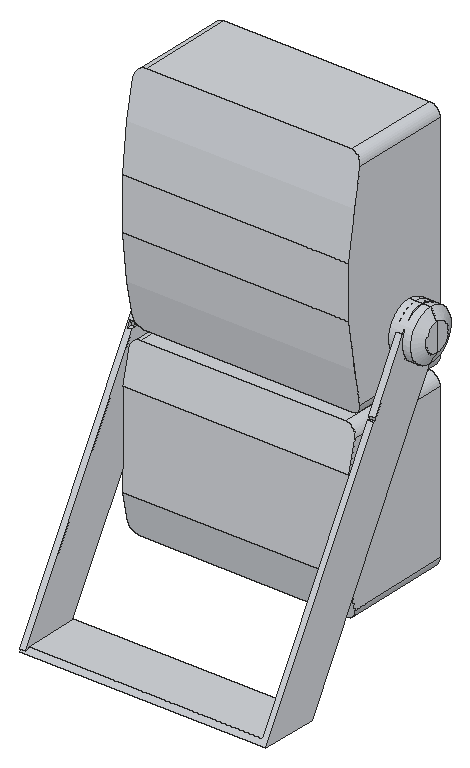
Revit family "Lighting-Proiezione-GEWISS-SMART[PRO]2.0-PROIETTORI-LED-MEDIA-POTENZA_1MODULI_DALI_CLI", category Apparecchi per illuminazione, host Superficie, Revit 2019
Family settings
  Host = Superficie
  Quota connettore circolare = Usa diametro
  Tipo di parte = Normale
  Taglio con vuoti quando caricato = No
  Sorgente d'illuminazione = No
  Condiviso = No
  Punto di calcolo locali = Sì
Parameters (values of type "GWP2185ND - SMARTPRO2.0 1M 5700K CRI80 A3 DALI CL1")
  Viti esterne = "Acciaio inossidabile"
  Versioni = "Luce fredda 5700K"
  Versione file RFA = "20.11"
  Vano di alimentazione = "Integrato"
  VISIBILITA' SIMBOLO [instance] = yes
  VISIBILITA' PROIETTORE IN PIANTA [instance] = not(VISIBILITA' SIMBOLO)  # no
  URL = "https://www.gewiss.com/it/it"
  Tolleranza cromatica = "SDCM = 3"
  Tipologia sorgente luminosa = "LED - Non sostituibile"
  Tipologia = ""
  Tipo di installazione e montaggio = "Torrefaro - Parete - Terra"
  Tipo di apparecchio = "Apparecchio per proiezione LED di piccola, media e alta potenza"
  Tensione di alimentazione = "220 - 240 V"
  Tensione = ""
  Temperatura di utilizzo = ""
  Temperatura di stoccaggio = "-"
  Temperatura di esercizio = "-30 +50 °C"
  Temperatura di colore: = ""
  Temperatura di colore = "5700K"
  Superficie massima esposta al vento : = "0,085 m2"
  Superficie massima esposta al vento = ""
  Spostamento_y_anteriore [instance] = 400 mm
  Spostamento_x_effettivo_ET [instance] = 4000 mm - Spostamento_x_ET  # 2938.794 mm
  Spostamento_x_effettivo [instance] = 4000 mm - Spostamento_x  # 2938.794 mm
  Spostamento_x_ET [instance] = 1061.206 mm
  Spostamento_x [instance] = 1061.206 mm
  SostituibilitÃ  piastra di cablaggio = "Non disponibile"
  SostituibilitÃ  gruppo ottico = "Non disponibile"
  Sistema di controllo = "DALI"
  Schermo = "Vetro piano extrachiaro spessore 4mm"
  Scheda Tecnica = "https://www.gewiss.com/it/it/search?q=GWP2185ND"
  SEO = "Proiettore"
  Resistenza alle sovratensioni : = ""
  Resistenza al filo incandescente = "-"
  Resistenza agli urti = "IK08"
  Regolazione inclinazione = ""
  Default Elevation = 1219.2 mm
  Produttore = "GEWISS S.p.A."
  Potenza di sistema = "165W"
  Peso (kg): = "5,7"
  Ottica = "A3 - Asimmetrica Stretta"
  Numero moduli = ""
  Norma di riferimento = "EN60598-1; EN60598-2-5; EN60598-2-24; IEC 62778; IEC62471; EN13201"
  Nome quadro [instance] = "330W"
  Modello = "GWP2185ND"
  Materiali = "-"
  Lumen output (lm) = "17600"
  Life Time L90B10 (Tq 50Â°C) : = ""
  Life Time L90B10 (Tq 40Â°C) = ""
  Life Time L90B10 (Tq 25Â°C) : = ""
  Life Time L80B10 (Tq 25Â°C) = ""
  Lampada: = ""
  Installazione e manutenzione = "-"
  Informazioni generali = "-"
  Indice di resa cromatica = "CRI-80"
  Inclinazione = "Rotazione su staffa con goniometro integrato"
  Immagine tipo = SMARTPRO20_1M.jpg
  IPEA = "STRADALE = A // GRANDI AREE = A3+ // CICLOPEDONALI = A+ // AREE VERDI = A+ // CENTRO STORICO = A5+ // ALTRO = A5+"
  IDT = "706d4f98386b454aa472bb2581cb3bfe"
  IDF = "3db2d485-13a8-481c-aaf0-cc777464d260"
  Guarnizioni = "silicone antinvecchiamento"
  Gruppo ottico = "Parabola in alluminio anodizzato brillantato con alluminio puro 99,99%"
  Grado di protezione = "IP66"
  Garanzia = "5 anni"
  Gancio di chiusura = "Viti metriche esagonali"
  GW - Codice Electrocod = "2424"
  Frequenza nominale (Hz) = "50 / 60"
  Flusso nominale = ""
  Fissaggio = "Staffa"
  Finitura colore = "Verniciato a polvere poliestere"
  Efficienza luminosa (lm/W) = "107"
  Durata di vita = "L90B10 (Tq+25°C) - 50000h L90B10 (Tq+50°C) = 32000h L80B10 (Tq+25°C) - 110000h"
  Distanza minima dall'oggetto illuminato = ""
  Dispositivo di protezione = "DM 6 kV / CM 10 kV"
  Descrizione = "SMARTPRO2.0 1M 5700K CRI80 A3 DALI CL1"
  Creato da GEWISS S.p.A. = ""
  Corrente di pilotaggio LED = ""
  Corpo = "Alluminio pressofuso"
  Controllo abbagliamento e luminanza = "G*6 - ULOR = 0"
  Contesto = "Illuminazione di grandi aree, impianti sportivi"
  Colore = "Grigio grafite"
  Codice digitale univoco (Datamatrix) = "Attualmente non presente"
  Classificazione: = "-"
  Classe isolamento = "I"
  Classe fotobiologica = "-"
  Certificazioni e classificazioni = "-"
  Certificazione DIN 18032-3 = "Si"
  Catalogo Serie = ""
  Catalogo = "LIGHTING"
  Caratteristiche ottiche e illuminotecniche = "-"
  Caratteristiche elettriche e gestione della luce = "-"
  Cablaggio = "Connettore stagno"
  COBie.Tagnumber = ""
  COBie.CreatedOn = ""
  COBie.CreatebBy = ""
  COBie.ComponentRegisterItemID = ""
  COBie.Component.TagNumber = ""
  COBie.Component.Space = ""
  COBie.Component.SerialNumber = ""
  COBie.Component.InstallationDate = ""
  COBie.Component.Description = ""
  COBie.Component.BarCode = ""
  Applicazione = "Interno / Esterno"
  Apparecchio a ridotta temperatura superficiale = "Si"
  Alimentatore = "Incluso"
Reference planes
  plane 1 "Centro (Fronte/Retro)": y = 0
  plane 2: z = 0
  plane 3 "Centro (Sinistra/Destra)": x = 0
  plane 4: x = -2938.794
  plane 5: x = 0
  plane 6: x = 0
  plane 7: x = -110.332
  plane 8: x = 0
  plane 9: z = 400
Lines and regions (mm)
  Masking region 1, visible <- "VISIBILITA' PROIETTORE IN PIANTA"
    outline origin (0, 0, 0) x (1, 0, 0) y (0, 1, 0)
      loop
        line (-113.096, 45.653) -> (-113.096, -114.347) -> (116.904, -114.347) -> (116.904, 45.653) -> (127.64, 45.653) -> (133.668, 56.093) -> (133.668, 82.169) -> (127.64, 92.61) -> (106.168, 92.61) -> (106.168, 106.682) -> (-106.168, 106.682) -> (-106.168, 92.61) -> (-127.64, 92.61) -> (-133.668, 82.169) -> (-133.668, 56.093) -> (-127.64, 45.653) -> (-113.096, 45.653)
  Masking region 2, visible <- "VISIBILITA' PROIETTORE IN PIANTA"
    outline origin (0, 0, 0) x (1, 0, 0) y (0, 0, 1)
      loop
        line (-103.332, 218.171) -> (106.168, 218.171) -> (106.168, 246.133) -> (127.64, 246.133) -> (133.668, 256.573) -> (133.668, 282.649) -> (127.64, 293.081) -> (106.168, 293.081) -> (106.168, 438.501) -> (-106.168, 438.501) -> (-106.168, 296.105) -> (-127.64, 296.105) -> (-133.668, 285.674) -> (-133.668, 259.598) -> (-127.64, 249.157) -> (-103.332, 249.157) -> (-103.332, 218.171)
      loop
        line (-103.332, 212.854) -> (-103.332, 48.854) -> (106.168, 48.854) -> (106.168, 212.854) -> (-103.332, 212.854)
  Masking region 3, visible <- "VISIBILITA' PROIETTORE IN PIANTA"
    outline origin (0, 0, 0) x (1, 0, 0) y (0, 0, 1)
      loop
        line (-115.056, 249.157) -> (-115.056, 0) -> (119.168, 0) -> (119.168, 246.133) -> (113.168, 246.133) -> (113.168, 5) -> (-110.332, 5) -> (-110.332, 249.157) -> (-115.056, 249.157)
Dimensions and locks
  plane 4 to plane 3 "Centro (Sinistra/Destra)" = 2938.794 mm
  "Spostamento_x_effettivo": plane 4 to plane 5
  "Spostamento_x_effettivo_ET": plane 4 to plane 6
  Masking region 2 sketch curve to nested 1 = 7 mm
  "Spostamento_x_effettivo": plane 8 to plane 4
  "Spostamento_y_anteriore": plane 9 to plane 2
  aligned and locked: plane 2 to host face
  aligned and locked: level to host face
  aligned and locked: plane 1 "Centro (Fronte/Retro)" to nested 1
  aligned and locked: plane 5 to nested 3
  aligned and locked: plane 6 to nested 2
  aligned and locked: nested 4 to plane 8
  aligned and locked: nested 4 to plane 9
Automatic sketch dimensions
  host sketch curve to host sketch curve = 2438.4 mm  (x2)
  Masking region 1 sketch curve to plane 3 "Centro (Sinistra/Destra)" = 133.668 mm
  Masking region 1 sketch curve to Masking region 1 sketch curve = 6.028 mm  (x3)
  Masking region 1 sketch curve to plane 1 "Centro (Fronte/Retro)" = 45.653 mm  (x2)
  Masking region 1 sketch curve to Masking region 1 sketch curve = 21.472 mm  (x2)
  plane 3 "Centro (Sinistra/Destra)" to Masking region 1 sketch curve = 106.168 mm
  plane 3 "Centro (Sinistra/Destra)" to Masking region 1 sketch curve = 116.904 mm
  Masking region 1 sketch curve to Masking region 1 sketch curve = 10.736 mm
  plane 1 "Centro (Fronte/Retro)" to Masking region 1 sketch curve = 114.347 mm
  Masking region 1 sketch curve to Masking region 1 sketch curve = 10.44 mm  (x4)
  Masking region 1 sketch curve to Masking region 1 sketch curve = 26.076 mm  (x2)
  Masking region 1 sketch curve to Masking region 1 sketch curve = 14.072 mm
  Masking region 1 sketch curve to Masking region 1 sketch curve = 14.543 mm
  Masking region 2 sketch curve to Masking region 2 sketch curve = 6.028 mm  (x4)
  Masking region 2 sketch curve to Masking region 2 sketch curve = 24.307 mm
  Masking region 2 sketch curve to Masking region 2 sketch curve = 0 mm  (x2)
  Masking region 2 sketch curve to plane 3 "Centro (Sinistra/Destra)" = 106.168 mm
  level to Masking region 2 sketch curve = 48.854 mm
  Masking region 2 sketch curve to Masking region 2 sketch curve = 21.472 mm  (x2)
  Masking region 2 sketch curve to Masking region 2 sketch curve = 164 mm
  Masking region 2 sketch curve to Masking region 2 sketch curve = 5.317 mm
  Masking region 2 sketch curve to Masking region 2 sketch curve = 27.962 mm
  Masking region 2 sketch curve to Masking region 2 sketch curve = 30.986 mm
  Masking region 2 sketch curve to Masking region 2 sketch curve = 10.44 mm  (x2)
  Masking region 2 sketch curve to Masking region 2 sketch curve = 26.076 mm  (x2)
  Masking region 2 sketch curve to Masking region 2 sketch curve = 10.432 mm  (x2)
  Masking region 2 sketch curve to Masking region 2 sketch curve = 142.396 mm
  plane 3 "Centro (Sinistra/Destra)" to Masking region 2 sketch curve = 106.168 mm
  Masking region 3 sketch curve to level = 0 mm
  Masking region 3 sketch curve to plane 3 "Centro (Sinistra/Destra)" = 115.056 mm
  Masking region 3 sketch curve to Masking region 3 sketch curve = 4.724 mm
  level to Masking region 3 sketch curve = 5 mm
  plane 3 "Centro (Sinistra/Destra)" to Masking region 3 sketch curve = 113.168 mm
  Masking region 3 sketch curve to Masking region 3 sketch curve = 244.157 mm
  Masking region 3 sketch curve to Masking region 3 sketch curve = 6 mm
  Masking region 3 sketch curve to Masking region 3 sketch curve = 3.025 mm
Nested families
  nested 1: "Base_SMART[PRO]2.0 1M" at (-346.832, -103.584, 0), type "GWP2273AD - 3000K - Symm. S1 - 2x80 LED - 330W - IP66"
    with Vista in pianta no, VISIBILITA' SIMBOLO IN PIANTA no, VISIBILITA' SIMBOLO yes, VISIBILITA' PROIETTORE IN PIANTA yes, VISIBILITA' ETICHETTA yes, Distanza_x_ET 0 mm, Distanza_x 300 mm, Distanza_effettiva_y_sim 2433.54 mm, Distanza_effettiva_y_ET 1320 mm, Distanza_effettiva_x_ET 4000 mm, Distanza_effettiva_x 3700 mm
  nested 2: "ETICHETTA LIGHT" at (0, -183.617, 0), type "ETICHETTA LIGHT"
  nested 3: "PROIETTSMART - 2" at (0, 16.651, 0), visible <- "VISIBILITA' SIMBOLO", type "PROIETTSMART - 2"
  nested 4: "PROIETTSMART - 2" at (0, 0, 400) x (1, 0, 0) z (0, -1, 0), visible <- "VISIBILITA' SIMBOLO", type "PROIETTSMART - 2"
Definition of nested family "Base_SMART[PRO]2.0 1M"
  Parameters (values of type "GWP2273AD - 3000K - Symm. S1 - 2x80 LED - 330W - IP66")
    struttura = none
    l = 440 mm  # constant formula
    Vista in pianta [instance] = no
    VISIBILITA' PROIETTORE IN PIANTA [instance] = yes
    VISIBILITA' ETICHETTA [instance] = yes
    Vetro = none
    Versioni = "Luce calda 3000K"
    VISIBILITA' SIMBOLO IN PIANTA [instance] = not(VISIBILITA' SIMBOLO)  # no
    VISIBILITA' SIMBOLO [instance] = yes
    Tensione lampada = 230 V
    Temperatura di colore = "3000 K (CRI 70)"
    Superficie massima esposta al vento [mq] = "0,43"
    Serie = "SMART [PRO] 2.0"
    Resistenza agli urti = "IK08"
    Regolazione inclinazione = "-180° ÷ + 180° staffa"
    Default Elevation = 1219.2 mm
    Manufacturer = "GEWISS"
    Potenza di sistema = "330W"
    Peso (kg) = "13"
    Ottica = "Simmetrica S1"
    N° LED = "160"
    Numero moduli = "2 (2x80 LED)"
    Numero di poli = 2
    Model = "GWP2273AS"
    Lumen output (lm) = "34925"
    Lamp = "LED"
    Type Image = element 166027
    GW - Grado di protezione = "IP66"
    Garanzia = "5 anni"
    GEWISS SCHEDA TECNICA = "http://pro.gewiss.com/irj/portal/?NavigationTarget=pcd:portal_content/com.gewiss.ZPPFDMain/com.gewiss.ZPPFDITMain/com.gewiss.ZPPFDITMainDefault/com.gewiss.ZPPFDITPages/com.gewiss.ZPPFDITPagesAP/com.gewiss.ZPPFDITPagesAPCatalogo/com.gewiss.ZPPPDITAPProductDetail&codProd=GWP2273AD"
    Flusso nominale = "44800"
    Distanza_x_ET [instance] = 0 mm
    Distanza_x [instance] = 300 mm
    Distanza_effettiva_y_sim [instance] = 2433.54 mm
    Distanza_effettiva_y_ET [instance] = 1320 mm
    Distanza_effettiva_x_ET [instance] = 4000 mm - Distanza_x_ET  # 4000 mm
    Distanza_effettiva_x [instance] = 4000 mm - Distanza_x  # 3700 mm
    Description = "SMART PRO 2M 3000K CRI70 TYPE S1 DALI"
    GW - Codice Electrocod = "2424"
    Classe isolamento = "I"
    GW - Catalogo = "LIGHTING"
    Apparent Load = 330 VA
    Applicazione = "Interno / Esterno"
  Types (24, lengths in mm): name | Versioni | Temperatura di colore | Ottica | Lumen output (lm) | GEWISS SCHEDA TECNICA | Flusso nominale | Distanza_x | Distanza_effettiva_y_ET | Distanza_effettiva_x | Description
    GWP2273AD - 3000K - Symm. S1 - 2x80 LED - 330W - IP66 | "Luce calda 3000K" | "3000 K (CRI 70)" | "Simmetrica S1" | "34925" | "http://pro.gewiss.com/irj/portal/?NavigationTarget=pcd:portal_content/com.gewiss.ZPPFDMain/com.gewiss.ZPPFDITMain/com.gewiss.ZPPFDITMainDefault/com.gewiss.ZPPFDITPages/com.gewiss.ZPPFDITPagesAP/com.gewiss.ZPPFDITPagesAPCatalogo/com.gewiss.ZPPPDITAPProductDetail&codProd=GWP2273AD" | "44800" | 300 | 1320 | 3700 | "SMART PRO 2M 3000K CRI70 TYPE S1 DALI"
    GWP2273BD - 3000K - Symm. S2 - 2x80 LED - 330W - IP66 | "Luce calda 3000K" | "3000 K (CRI 70)" | "Simmetrica S2" | "37137" | "http://pro.gewiss.com/irj/portal/?NavigationTarget=pcd:portal_content/com.gewiss.ZPPFDMain/com.gewiss.ZPPFDITMain/com.gewiss.ZPPFDITMainDefault/com.gewiss.ZPPFDITPages/com.gewiss.ZPPFDITPagesAP/com.gewiss.ZPPFDITPagesAPCatalogo/com.gewiss.ZPPPDITAPProductDetail&codProd=GWP2273BD" | "44800" | 0 | 400 | 4000 | "SMART PRO 2M 3000K CRI70 TYPE S2 DALI"
    GWP2273CD - 3000K - Asymm. A1 - 2x80 LED - 330W - IP66 | "Luce calda 3000K" | "3000 K (CRI 70)" | "Asimmetrica A1" | "34141" | "http://pro.gewiss.com/irj/portal/?NavigationTarget=pcd:portal_content/com.gewiss.ZPPFDMain/com.gewiss.ZPPFDITMain/com.gewiss.ZPPFDITMainDefault/com.gewiss.ZPPFDITPages/com.gewiss.ZPPFDITPagesAP/com.gewiss.ZPPFDITPagesAPCatalogo/com.gewiss.ZPPPDITAPProductDetail&codProd=GWP2273CD" | "44800" | 0 | 400 | 4000 | "SMART PRO 2M 3000K CRI70 TYPE A1 DALI"
    GWP2273FD - 3000K - Asymm. A2 - 2x80 LED - 330W - IP66 | "Luce calda 3000K" | "3000 K (CRI 70)" | "Asimmetrica A2" | "29176" | "http://pro.gewiss.com/irj/portal/?NavigationTarget=pcd:portal_content/com.gewiss.ZPPFDMain/com.gewiss.ZPPFDITMain/com.gewiss.ZPPFDITMainDefault/com.gewiss.ZPPFDITPages/com.gewiss.ZPPFDITPagesAP/com.gewiss.ZPPFDITPagesAPCatalogo/com.gewiss.ZPPPDITAPProductDetail&codProd=GWP2273FD" | "44800" | 0 | 400 | 4000 | "SMART PRO 2M 3000K CRI70 TYPE A2 DALI"
    GWP2273GD - 3000K - Circ. C4 - 2x80 LED - 330W - IP66 | "Luce calda 3000K" | "3000 K (CRI 70)" | "Circolare C4" | "35261" | "http://pro.gewiss.com/irj/portal/?NavigationTarget=pcd:portal_content/com.gewiss.ZPPFDMain/com.gewiss.ZPPFDITMain/com.gewiss.ZPPFDITMainDefault/com.gewiss.ZPPFDITPages/com.gewiss.ZPPFDITPagesAP/com.gewiss.ZPPFDITPagesAPCatalogo/com.gewiss.ZPPPDITAPProductDetail&codProd=GWP2273GD" | "44800" | 0 | 400 | 4000 | "SMART PRO 2M 3000K CRI70 TYPE C4 DALI"
    GWP2273HD - 3000K - Circ. C3 - 2x80 LED - 330W - IP66 | "Luce calda 3000K" | "3000 K (CRI 70)" | "Circolare C3" | "35261" | "http://pro.gewiss.com/irj/portal/?NavigationTarget=pcd:portal_content/com.gewiss.ZPPFDMain/com.gewiss.ZPPFDITMain/com.gewiss.ZPPFDITMainDefault/com.gewiss.ZPPFDITPages/com.gewiss.ZPPFDITPagesAP/com.gewiss.ZPPFDITPagesAPCatalogo/com.gewiss.ZPPPDITAPProductDetail&codProd=GWP2273HD" | "44800" | 0 | 400 | 4000 | "SMART PRO 2M 3000K CRI70 TYPE C3 DALI"
    GWP2273LD - 3000K - Circ. C2 - 2x80 LED - 330W - IP66 | "Luce calda 3000K" | "3000 K (CRI 70)" | "Circolare C2" | "35261" | "http://pro.gewiss.com/irj/portal/?NavigationTarget=pcd:portal_content/com.gewiss.ZPPFDMain/com.gewiss.ZPPFDITMain/com.gewiss.ZPPFDITMainDefault/com.gewiss.ZPPFDITPages/com.gewiss.ZPPFDITPagesAP/com.gewiss.ZPPFDITPagesAPCatalogo/com.gewiss.ZPPPDITAPProductDetail&codProd=GWP2273LD" | "44800" | 0 | 400 | 4000 | "SMART PRO 2M 3000K CRI70 TYPE C2 DALI"
    GWP2273MD - 3000K - Circ. C1 - 2x80 LED - 330W - IP66 | "Luce calda 3000K" | "3000 K (CRI 70)" | "Circolare C1" | "35261" | "http://pro.gewiss.com/irj/portal/?NavigationTarget=pcd:portal_content/com.gewiss.ZPPFDMain/com.gewiss.ZPPFDITMain/com.gewiss.ZPPFDITMainDefault/com.gewiss.ZPPFDITPages/com.gewiss.ZPPFDITPagesAP/com.gewiss.ZPPFDITPagesAPCatalogo/com.gewiss.ZPPPDITAPProductDetail&codProd=GWP2273MD" | "44800" | 0 | 400 | 4000 | "SMART PRO 2M 3000K CRI70 TYPE C1 DALI"
    GWP2274AD - 4000K - Symm. S1 - 2x80 LED - 330W - IP66 | "Luce naturale 4000K" | "4000 K (CRI 70)" | "Simmetrica S1" | "37420" | "http://pro.gewiss.com/irj/portal/?NavigationTarget=pcd:portal_content/com.gewiss.ZPPFDMain/com.gewiss.ZPPFDITMain/com.gewiss.ZPPFDITMainDefault/com.gewiss.ZPPFDITPages/com.gewiss.ZPPFDITPagesAP/com.gewiss.ZPPFDITPagesAPCatalogo/com.gewiss.ZPPPDITAPProductDetail&codProd=GWP2274AD" | "48000" | 0 | 400 | 4000 | "SMART PRO 2M 4000K CRI70 TYPE S1 DALI"
    GWP2274BD - 4000K - Symm. S2 - 2x80 LED - 330W - IP66 | "Luce naturale 4000K" | "4000 K (CRI 70)" | "Simmetrica S2" | "39790" | "http://pro.gewiss.com/irj/portal/?NavigationTarget=pcd:portal_content/com.gewiss.ZPPFDMain/com.gewiss.ZPPFDITMain/com.gewiss.ZPPFDITMainDefault/com.gewiss.ZPPFDITPages/com.gewiss.ZPPFDITPagesAP/com.gewiss.ZPPFDITPagesAPCatalogo/com.gewiss.ZPPPDITAPProductDetail&codProd=GWP2274BD" | "48000" | 0 | 400 | 4000 | "SMART PRO 2M 4000K CRI70 TYPE S2 DALI"
    GWP2274CD - 4000K - Asymm. A1 - 2x80 LED - 330W - IP66 | "Luce naturale 4000K" | "4000 K (CRI 70)" | "Asimmetrica A1" | "36580" | "http://pro.gewiss.com/irj/portal/?NavigationTarget=pcd:portal_content/com.gewiss.ZPPFDMain/com.gewiss.ZPPFDITMain/com.gewiss.ZPPFDITMainDefault/com.gewiss.ZPPFDITPages/com.gewiss.ZPPFDITPagesAP/com.gewiss.ZPPFDITPagesAPCatalogo/com.gewiss.ZPPPDITAPProductDetail&codProd=GWP2274CD" | "48000" | 0 | 400 | 4000 | "SMART PRO 2M 4000K CRI70 TYPE A1 DALI"
    GWP2274FD - 4000K - Asymm. A2 - 2x80 LED - 330W - IP66 | "Luce naturale 4000K" | "4000 K (CRI 70)" | "Asimmetrica A2" | "31260" | "http://pro.gewiss.com/irj/portal/?NavigationTarget=pcd:portal_content/com.gewiss.ZPPFDMain/com.gewiss.ZPPFDITMain/com.gewiss.ZPPFDITMainDefault/com.gewiss.ZPPFDITPages/com.gewiss.ZPPFDITPagesAP/com.gewiss.ZPPFDITPagesAPCatalogo/com.gewiss.ZPPPDITAPProductDetail&codProd=GWP2274FD" | "48000" | 0 | 400 | 4000 | "SMART PRO 2M 4000K CRI70 TYPE A2 DALI"
    GWP2274GD - 4000K - Circ. C4 - 2x80 LED - 330W - IP66 | "Luce naturale 4000K" | "4000 K (CRI 70)" | "Circolare C4" | "37780" | "http://pro.gewiss.com/irj/portal/?NavigationTarget=pcd:portal_content/com.gewiss.ZPPFDMain/com.gewiss.ZPPFDITMain/com.gewiss.ZPPFDITMainDefault/com.gewiss.ZPPFDITPages/com.gewiss.ZPPFDITPagesAP/com.gewiss.ZPPFDITPagesAPCatalogo/com.gewiss.ZPPPDITAPProductDetail&codProd=GWP2274GD" | "48000" | 0 | 400 | 4000 | "SMART PRO 2M 4000K CRI70 TYPE C4 DALI"
    GWP2274HD - 4000K - Circ. C3 - 2x80 LED - 330W - IP66 | "Luce naturale 4000K" | "4000 K (CRI 70)" | "Circolare C3" | "37780" | "http://pro.gewiss.com/irj/portal/?NavigationTarget=pcd:portal_content/com.gewiss.ZPPFDMain/com.gewiss.ZPPFDITMain/com.gewiss.ZPPFDITMainDefault/com.gewiss.ZPPFDITPages/com.gewiss.ZPPFDITPagesAP/com.gewiss.ZPPFDITPagesAPCatalogo/com.gewiss.ZPPPDITAPProductDetail&codProd=GWP2274HD" | "48000" | 0 | 400 | 4000 | "SMART PRO 2M 4000K CRI70 TYPE C3 DALI"
    GWP2274LD - 4000K - Circ. C2 - 2x80 LED - 330W - IP66 | "Luce naturale 4000K" | "4000 K (CRI 70)" | "Circolare C2" | "37780" | "http://pro.gewiss.com/irj/portal/?NavigationTarget=pcd:portal_content/com.gewiss.ZPPFDMain/com.gewiss.ZPPFDITMain/com.gewiss.ZPPFDITMainDefault/com.gewiss.ZPPFDITPages/com.gewiss.ZPPFDITPagesAP/com.gewiss.ZPPFDITPagesAPCatalogo/com.gewiss.ZPPPDITAPProductDetail&codProd=GWP2274LD" | "48000" | 0 | 400 | 4000 | "SMART PRO 2M 4000K CRI70 TYPE C2 DALI"
    GWP2274MD - 4000K - Circ. C1 - 2x80 LED - 330W - IP66 | "Luce naturale 4000K" | "4000 K (CRI 70)" | "Circolare C1" | "37780" | "http://pro.gewiss.com/irj/portal/?NavigationTarget=pcd:portal_content/com.gewiss.ZPPFDMain/com.gewiss.ZPPFDITMain/com.gewiss.ZPPFDITMainDefault/com.gewiss.ZPPFDITPages/com.gewiss.ZPPFDITPagesAP/com.gewiss.ZPPFDITPagesAPCatalogo/com.gewiss.ZPPPDITAPProductDetail&codProd=GWP2274MD" | "48000" | 0 | 400 | 4000 | "SMART PRO 2M 4000K CRI70 TYPE C1 DALI"
    GWP2275AD - 5700K - Symm. S1 - 2x80 LED - 330W - IP66 | "Luce fredda 5700K" | "5700 K (CRI 70)" | "Simmetrica S1" | "37420" | "http://pro.gewiss.com/irj/portal/?NavigationTarget=pcd:portal_content/com.gewiss.ZPPFDMain/com.gewiss.ZPPFDITMain/com.gewiss.ZPPFDITMainDefault/com.gewiss.ZPPFDITPages/com.gewiss.ZPPFDITPagesAP/com.gewiss.ZPPFDITPagesAPCatalogo/com.gewiss.ZPPPDITAPProductDetail&codProd=GWP2275AD" | "48000" | 0 | 400 | 4000 | "SMART PRO 2M 5700K CRI70 TYPE S1 DALI"
    GWP2275BD - 5700K - Symm. S2 - 2x80 LED - 330W - IP66 | "Luce fredda 5700K" | "5700 K (CRI 70)" | "Simmetrica S2" | "39790" | "http://pro.gewiss.com/irj/portal/?NavigationTarget=pcd:portal_content/com.gewiss.ZPPFDMain/com.gewiss.ZPPFDITMain/com.gewiss.ZPPFDITMainDefault/com.gewiss.ZPPFDITPages/com.gewiss.ZPPFDITPagesAP/com.gewiss.ZPPFDITPagesAPCatalogo/com.gewiss.ZPPPDITAPProductDetail&codProd=GWP2275BD" | "48000" | 0 | 400 | 4000 | "SMART PRO 2M 5700K CRI70 TYPE S2 DALI"
    GWP2275CD - 5700K - Asymm. A1 - 2x80 LED - 330W - IP66 | "Luce fredda 5700K" | "5700 K (CRI 70)" | "Asimmetrica A1" | "36580" | "http://pro.gewiss.com/irj/portal/?NavigationTarget=pcd:portal_content/com.gewiss.ZPPFDMain/com.gewiss.ZPPFDITMain/com.gewiss.ZPPFDITMainDefault/com.gewiss.ZPPFDITPages/com.gewiss.ZPPFDITPagesAP/com.gewiss.ZPPFDITPagesAPCatalogo/com.gewiss.ZPPPDITAPProductDetail&codProd=GWP2275CD" | "48000" | 0 | 400 | 4000 | "SMART PRO 2M 5700K CRI70 TYPE A1 DALI"
    GWP2275FD - 5700K - Asymm. A2 - 2x80 LED - 330W - IP66 | "Luce fredda 5700K" | "5700 K (CRI 70)" | "Asimmetrica A2" | "31260" | "http://pro.gewiss.com/irj/portal/?NavigationTarget=pcd:portal_content/com.gewiss.ZPPFDMain/com.gewiss.ZPPFDITMain/com.gewiss.ZPPFDITMainDefault/com.gewiss.ZPPFDITPages/com.gewiss.ZPPFDITPagesAP/com.gewiss.ZPPFDITPagesAPCatalogo/com.gewiss.ZPPPDITAPProductDetail&codProd=GWP2275FD" | "48000" | 0 | 400 | 4000 | "SMART PRO 2M 5700K CRI70 TYPE A2 DALI"
    GWP2275GD - 5700K - Circ. C4 - 2x80 LED - 330W - IP66 | "Luce fredda 5700K" | "5700 K (CRI 70)" | "Circolare C4" | "37780" | "http://pro.gewiss.com/irj/portal/?NavigationTarget=pcd:portal_content/com.gewiss.ZPPFDMain/com.gewiss.ZPPFDITMain/com.gewiss.ZPPFDITMainDefault/com.gewiss.ZPPFDITPages/com.gewiss.ZPPFDITPagesAP/com.gewiss.ZPPFDITPagesAPCatalogo/com.gewiss.ZPPPDITAPProductDetail&codProd=GWP2275GD" | "48000" | 0 | 400 | 4000 | "SMART PRO 2M 5700K CRI70 TYPE C4 DALI"
    GWP2275HD - 5700K - Circ. C3 - 2x80 LED - 330W - IP66 | "Luce fredda 5700K" | "5700 K (CRI 70)" | "Circolare C3" | "37780" | "http://pro.gewiss.com/irj/portal/?NavigationTarget=pcd:portal_content/com.gewiss.ZPPFDMain/com.gewiss.ZPPFDITMain/com.gewiss.ZPPFDITMainDefault/com.gewiss.ZPPFDITPages/com.gewiss.ZPPFDITPagesAP/com.gewiss.ZPPFDITPagesAPCatalogo/com.gewiss.ZPPPDITAPProductDetail&codProd=GWP2275HD" | "48000" | 0 | 400 | 4000 | "SMART PRO 2M 5700K CRI70 TYPE C3 DALI"
    GWP2275LD - 5700K - Circ. C2 - 2x80 LED - 330W - IP66 | "Luce fredda 5700K" | "5700 K (CRI 70)" | "Circolare C2" | "37780" | "http://pro.gewiss.com/irj/portal/?NavigationTarget=pcd:portal_content/com.gewiss.ZPPFDMain/com.gewiss.ZPPFDITMain/com.gewiss.ZPPFDITMainDefault/com.gewiss.ZPPFDITPages/com.gewiss.ZPPFDITPagesAP/com.gewiss.ZPPFDITPagesAPCatalogo/com.gewiss.ZPPPDITAPProductDetail&codProd=GWP2275LD" | "48000" | 0 | 400 | 4000 | "SMART PRO 2M 5700K CRI70 TYPE C2 DALI"
    GWP2275MD - 5700K - Circ. C1 - 2x80 LED - 330W - IP66 | "Luce fredda 5700K" | "5700 K (CRI 70)" | "Circolare C1" | "37780" | "http://pro.gewiss.com/irj/portal/?NavigationTarget=pcd:portal_content/com.gewiss.ZPPFDMain/com.gewiss.ZPPFDITMain/com.gewiss.ZPPFDITMainDefault/com.gewiss.ZPPFDITPages/com.gewiss.ZPPFDITPagesAP/com.gewiss.ZPPFDITPagesAPCatalogo/com.gewiss.ZPPPDITAPProductDetail&codProd=GWP2275MD" | "48000" | 0 | 400 | 4000 | "SMART PRO 2M 5700K CRI70 TYPE C1 DALI"
  Reference planes
    plane 1 "Centro (Fronte/Retro)": y = 0
    plane 2: z = 0
    plane 3 "Centro (Sinistra/Destra)": x = 0
    plane 4: z = 5
    plane 5: x = 466
    plane 6: x = 460
    plane 7: y = -9.551
    plane 8: y = 43.565
    plane 9: z = 267.876
    plane 10: z = 218.171
    plane 11: z = 212.854
    plane 12: x = 453
    plane 13: z = 438.501
    plane 14: x = 236.5
    plane 15: z = 48.854
    plane 16 "fronte": y = 210.266
    plane 17: y = 103.584
    plane 18: z = 428.501
    plane 19: z = 228.171
    plane 20: x = 443
    plane 21: y = 200.266
    plane 22: x = 220.335
    plane 23: x = 252.665
    plane 24: y = 195.345
    plane 25: z = 367.712
    plane 26: z = 306.922
    plane 27: x = 254.665
    plane 28: x = 441
    plane 29: z = 246.133
    plane 30: z = 426.501
    plane 31: z = 365.712
    plane 32: z = 369.712
    plane 33: z = 308.922
    plane 34: z = 304.922
    plane 35: z = 248.133
    plane 36: z = 244.133
    plane 37: x = -3763.5
    plane 38: x = 240.665
    plane 39: x = 213.665
    plane 40: x = 346.832
    plane 41: x = 236.5
  Forms (mm)
    Extrusion 1, solid
      sketch origin (0, 0, 2.872) x (0, 1, 0) y (0, 0, 1)
        loop
          line (153.15, 281.807) -> (-9.551, 0) -> (43.565, 0) -> (192.952, 258.745)
          arc (192.952, 258.745) -> (184.564, 290.146) -> (153.15, 281.807) r 23
      from 235.316 to 240.665
    Extrusion 2, solid
      sketch origin (448.871, 0, 0) x (0, 1, 0) y (0, 0, -1)
        loop
          arc (153.15, -281.807) -> (184.564, -290.146) -> (192.952, -258.745) r 23
          line (192.952, -258.745) -> (43.565, 0) -> (-9.551, 0) -> (153.15, -281.807)
      from -17.129 to -11.129
    Extrusion 3, solid
      sketch origin (0, 0, 0) x (0, 1, 0) y (0, 0, 1)
        loop
          line (46.452, 5) -> (-6.664, 5) -> (-9.551, 0) -> (43.565, 0) -> (46.452, 5)
      from 235.316 to 466
    Extrusion 4, solid
      sketch origin (0, 0, 0) x (1, 0, 0) y (0, 0, 1)
        loop
          arc (250.665, 438.501) -> (243.594, 435.572) -> (240.665, 428.501) r 10
          line (240.665, 428.501) -> (240.665, 228.171)
          arc (240.665, 228.171) -> (243.594, 221.1) -> (250.665, 218.171) r 10
          line (250.665, 218.171) -> (443, 218.171)
          arc (443, 218.171) -> (450.071, 221.1) -> (453, 228.171) r 10
          line (453, 228.171) -> (453, 428.501)
          arc (453, 428.501) -> (450.071, 435.572) -> (443, 438.501) r 10
          line (443, 438.501) -> (250.665, 438.501)
      from -210.266 to -103.584
    Extrusion 5, solid
      sketch origin (0, 0, 0) x (1, 0, 0) y (0, 0, 1)
        loop
          line (250.665, 48.854) -> (443, 48.854)
          arc (443, 48.854) -> (450.071, 51.783) -> (453, 58.854) r 10
          line (453, 58.854) -> (453, 202.854)
          arc (453, 202.854) -> (450.071, 209.925) -> (443, 212.854) r 10
          line (443, 212.854) -> (250.665, 212.854)
          arc (250.665, 212.854) -> (243.594, 209.925) -> (240.665, 202.854) r 10
          line (240.665, 202.854) -> (240.665, 58.854)
          arc (240.665, 58.854) -> (243.594, 51.783) -> (250.665, 48.854) r 10
      from -210.266 to -103.584
    Extrusion 6, void
      sketch origin (0, 0, 0) x (0, 1, 0) y (0, 0, 1)
        loop
          line (0, 438.501) -> (0, 218.171) -> (119.109, 218.171)
          arc (119.109, 218.171) -> (108.875, 260.63) -> (103.584, 303.983) r 379.693
          line (103.584, 303.983) -> (103.584, 352.689)
          arc (103.584, 352.689) -> (108.875, 396.042) -> (119.109, 438.501) r 379.693
          line (119.109, 438.501) -> (0, 438.501)
      from 236.5 to 466
    Extrusion 7, void
      sketch origin (0, 0, 0) x (1, 0, 0) y (0, 0, 1)
        loop
          arc (262.665, 428.501) -> (255.594, 425.572) -> (252.665, 418.501) r 10
          line (252.665, 418.501) -> (252.665, 238.171)
          arc (252.665, 238.171) -> (255.594, 231.1) -> (262.665, 228.171) r 10
          line (262.665, 228.171) -> (433, 228.171)
          arc (433, 228.171) -> (440.071, 231.1) -> (443, 238.171) r 10
          line (443, 238.171) -> (443, 418.501)
          arc (443, 418.501) -> (440.071, 425.572) -> (433, 428.501) r 10
          line (433, 428.501) -> (262.665, 428.501)
      from -210.266 to -200.266
    Extrusion 8, solid, material <- "Vetro"
      sketch origin (0, 0, 0) x (1, 0, 0) y (0, 0, 1)
        loop
          line (252.665, 418.501) -> (252.665, 238.171)
          arc (252.665, 238.171) -> (255.594, 231.1) -> (262.665, 228.171) r 10
          line (262.665, 228.171) -> (433, 228.171)
          arc (433, 228.171) -> (440.071, 231.1) -> (443, 238.171) r 10
          line (443, 238.171) -> (443, 418.501)
          arc (443, 418.501) -> (440.071, 425.572) -> (433, 428.501) r 10
          line (433, 428.501) -> (262.665, 428.501)
          arc (262.665, 428.501) -> (255.594, 425.572) -> (252.665, 418.501) r 10
      from -210.266 to -200.266
    Extrusion 9, void
      sketch origin (0, 0, 0) x (0, 1, 0) y (0, 0, 1)
        loop
          line (103.584, 86.118) -> (103.584, 175.59)
          arc (103.584, 175.59) -> (107.698, 194.338) -> (112.752, 212.854) r 380
          line (112.752, 212.854) -> (0, 212.854) -> (0, 48.854) -> (112.752, 48.854)
          arc (112.752, 48.854) -> (107.698, 67.37) -> (103.584, 86.118) r 380
      from 240.665 to 453
    Revolve 10, solid
      sketch origin (287.979, 172.716, 2.872) x (1, 0, 0) y (0, 0, 1)
        loop
          line (-74.814, 269.764) -> (-47.314, 269.764) -> (-47.314, 293.242) -> (-68.786, 293.242) -> (-74.814, 282.802) -> (-74.814, 269.764)
        axis (-74.814, 269.764) -> (-47.314, 269.764)
      angle from 0 to 360
    Revolve 11, solid
      sketch origin (0, 172.716, 0) x (1, 0, 0) y (0, 0, 1)
        loop
          line (480.171, 269.764) -> (480.171, 282.802) -> (474.143, 293.242) -> (452.671, 293.242) -> (452.671, 269.764) -> (480.171, 269.764)
        axis (480.171, 269.764) -> (452.671, 269.764)
      angle from 0 to 360
    Extrusion 12, solid, detail levels medium+fine
      sketch origin (0, 0, 0) x (1, 0, 0) y (0, 0, 1)
        loop
          line (441, 426.501) -> (381.555, 426.501) -> (381.555, 369.712) -> (441, 369.712) -> (441, 426.501)
        loop
          line (441, 365.712) -> (381.555, 365.712) -> (381.555, 308.922) -> (441, 308.922) -> (441, 365.712)
        loop
          line (377.555, 426.501) -> (318.11, 426.501) -> (318.11, 369.712) -> (377.555, 369.712) -> (377.555, 426.501)
        loop
          line (314.11, 426.501) -> (254.665, 426.501) -> (254.665, 369.712) -> (314.11, 369.712) -> (314.11, 426.501)
        loop
          line (441, 304.922) -> (381.555, 304.922) -> (381.555, 248.133) -> (441, 248.133) -> (441, 304.922)
        loop
          line (443, 244.133) -> (443, 306.484) -> (443, 369.712) -> (443, 428.501) -> (252.665, 428.501) -> (252.665, 244.133) -> (314.11, 244.133) -> (379.861, 244.133) -> (443, 244.133)
        loop
          line (377.555, 365.712) -> (318.11, 365.712) -> (318.11, 308.922) -> (377.555, 308.922) -> (377.555, 365.712)
        loop
          line (377.555, 304.922) -> (318.11, 304.922) -> (318.11, 248.133) -> (377.555, 248.133) -> (377.555, 304.922)
        loop
          line (314.11, 365.712) -> (254.665, 365.712) -> (254.665, 308.922) -> (314.11, 308.922) -> (314.11, 365.712)
        loop
          line (314.11, 304.922) -> (254.665, 304.922) -> (254.665, 248.133) -> (314.11, 248.133) -> (314.11, 304.922)
      from -200.266 to -195.345
  Cuts and joins
    Extrusion 6, Extrusion 9 cuts Extrusion 1
    Extrusion 6, Extrusion 9 cuts Extrusion 2
    Extrusion 6, Extrusion 9 cuts Extrusion 3
    joined: Extrusion 1, Extrusion 2, Extrusion 3
    Extrusion 6, Extrusion 7 cuts Extrusion 4
    Extrusion 9 cuts Extrusion 5
  Dimensions and locks
    locked: plane 4 to level at 5
    locked: plane 5 to plane 6 at 6
    plane 9 to plane 2 = 267.876 mm
    plane 10 to plane 11 = 5.317 mm
    locked: plane 6 to plane 12 at 7
    plane 13 to plane 10 = 220.33 mm
    plane 6 to plane 14 = 223.5 mm
    locked: plane 13 to plane 18 at 10
    locked: plane 12 to plane 20 at 10
    locked: plane 19 to plane 10 at 10
    locked: plane 21 to plane 16 "fronte" at 10
    equal spacing: plane 23, plane 14, plane 22
    plane 23 to plane 22 = 32.329 mm
    locked: plane 24 to plane 21 at 4.921
    plane 20 to plane 23 = 190.335 mm
    locked: plane 27 to plane 23 at 2
    equal spacing: plane 29, plane 26, plane 25, plane 18
    locked: plane 36 to plane 35 at 4
    locked: plane 34 to plane 33 at 4
    locked: plane 31 to plane 32 at 4
    locked: plane 30 to plane 18 at 2
    locked: plane 28 to plane 20 at 2
    plane 23 to plane 38 = 12 mm
    radius of Extrusion 4 sketch curve = 10 mm  (x4)
    radius of Extrusion 5 sketch curve = 10 mm  (x4)
    radius of Extrusion 7 sketch curve = 10 mm  (x4)
    radius of Extrusion 8 sketch curve = 10 mm  (x4)
    aligned and locked: level to plane 2
    aligned and locked: plane 5 to Extrusion 2
    aligned and locked: Extrusion 2 to plane 6
    aligned and locked: Extrusion 3 sketch curve to plane 4
    aligned and locked: Extrusion 3 sketch curve to level
    aligned and locked: cut or joined group of Extrusion 1, Extrusion 2, Extrusion 3, Extrusion 6, Extrusion 9 to Extrusion 3 sketch curve
    aligned and locked: Extrusion 3 sketch curve to cut or joined group of Extrusion 1, Extrusion 2, Extrusion 3, Extrusion 6, Extrusion 9
    aligned and locked: plane 5 to cut or joined group of Extrusion 1, Extrusion 2, Extrusion 3, Extrusion 6, Extrusion 9
    aligned and locked: Extrusion 4 sketch curve to plane 13
    aligned and locked: Extrusion 4 sketch curve to plane 12
    aligned and locked: Extrusion 4 sketch curve to plane 10
    aligned and locked: Extrusion 5 sketch curve to plane 15
    aligned and locked: Extrusion 5 sketch curve to plane 11
    aligned and locked: Extrusion 5 sketch curve to plane 12
    aligned and locked: plane 16 "fronte" to Extrusion 4
    aligned and locked: Extrusion 5 to Extrusion 4
    aligned and locked: plane 17 to Extrusion 4
    aligned and locked: Extrusion 4 to Extrusion 5
    aligned and locked: Extrusion 6 sketch curve to plane 13
    aligned and locked: Extrusion 6 sketch curve to plane 17
    aligned and locked: Extrusion 6 sketch curve to plane 1 "Centro (Fronte/Retro)"
    aligned and locked: Extrusion 6 sketch curve to plane 10
    aligned and locked: plane 5 to Extrusion 6
    aligned and locked: Extrusion 7 sketch curve to plane 18
    aligned and locked: Extrusion 7 sketch curve to plane 19
    aligned and locked: Extrusion 7 sketch curve to plane 20
    aligned and locked: plane 16 "fronte" to Extrusion 7
    aligned and locked: Extrusion 7 to plane 21
    aligned and locked: Extrusion 8 sketch curve to plane 18
    aligned and locked: Extrusion 8 sketch curve to plane 19
    aligned and locked: Extrusion 8 sketch curve to plane 20
    aligned and locked: plane 16 "fronte" to Extrusion 8
    aligned and locked: Extrusion 8 to plane 21
    aligned and locked: Extrusion 9 sketch curve to plane 17
    aligned and locked: Extrusion 9 sketch curve to plane 11
    aligned and locked: Extrusion 9 sketch curve to plane 15
    aligned and locked: Extrusion 9 sketch curve to plane 1 "Centro (Fronte/Retro)"
    aligned and locked: plane 12 to Extrusion 9
    aligned and locked: plane 28 to Extrusion 12 sketch curve
    aligned and locked: plane 30 to Extrusion 12 sketch curve
    aligned and locked: plane 32 to Extrusion 12 sketch curve  (x2)
    aligned and locked: plane 31 to Extrusion 12 sketch curve
    aligned and locked: plane 33 to Extrusion 12 sketch curve
    aligned and locked: plane 34 to Extrusion 12 sketch curve
    aligned and locked: plane 36 to Extrusion 12 sketch curve
    aligned and locked: plane 35 to Extrusion 12 sketch curve  (x2)
    aligned and locked: plane 18 to Extrusion 12 sketch curve
    aligned and locked: plane 20 to Extrusion 12 sketch curve
    aligned and locked: plane 23 to Extrusion 12 sketch curve
    aligned and locked: plane 21 to Extrusion 12
    aligned and locked: plane 24 to Extrusion 12
    aligned and locked: import instance to plane 16 "fronte"
    aligned and locked: Extrusion 9 to Extrusion 1
    aligned and locked: plane 38 to Extrusion 5 sketch curve
  Automatic sketch dimensions
    Revolve 10 sketch curve to Revolve 10 sketch curve = 0 mm  (x2)
    Revolve 10 sketch curve to Revolve 10 sketch curve = 21.472 mm
    Revolve 10 sketch curve to Revolve 10 sketch curve = 6.028 mm
    Revolve 10 sketch curve to Revolve 10 sketch curve = 10.44 mm
    Revolve 10 sketch curve to Revolve 10 sketch curve = 13.038 mm
    Revolve 10 sketch curve to Revolve 10 sketch curve = 7.329 mm
    Revolve 11 sketch curve to Revolve 11 sketch curve = 0 mm  (x2)
    Revolve 11 sketch curve to Revolve 11 sketch curve = 21.472 mm
    Revolve 11 sketch curve to Revolve 11 sketch curve = 6.028 mm
    Revolve 11 sketch curve to Revolve 11 sketch curve = 10.44 mm
    Revolve 11 sketch curve to Revolve 11 sketch curve = 13.038 mm
    Revolve 11 sketch curve to Revolve 11 sketch curve = 7.329 mm
    level to Extrusion 1 sketch curve = 2.872 mm
    Extrusion 1 sketch curve to plane 7 = 0 mm
    Extrusion 1 sketch curve to plane 8 = 0 mm
    plane 9 to Extrusion 1 sketch curve = 16.803 mm
    plane 24 to Extrusion 1 sketch curve = 42.194 mm
    plane 9 to Extrusion 1 sketch curve = 5.242 mm
    plane 24 to Extrusion 1 sketch curve = 22.312 mm
    plane 24 to Extrusion 1 sketch curve = 2.393 mm
    Extrusion 1 sketch curve to Extrusion 1 sketch curve = 0 mm  (x2)
    Extrusion 2 sketch curve to level = 0 mm
    Extrusion 2 sketch curve to plane 7 = 0 mm
    Extrusion 2 sketch curve to plane 8 = 0 mm
    plane 9 to Extrusion 2 sketch curve = 13.931 mm
    plane 24 to Extrusion 2 sketch curve = 42.194 mm
    plane 9 to Extrusion 2 sketch curve = 2.369 mm
    plane 24 to Extrusion 2 sketch curve = 22.312 mm
    plane 24 to Extrusion 2 sketch curve = 2.393 mm
    Extrusion 2 sketch curve to Extrusion 2 sketch curve = 0 mm  (x2)
    Extrusion 6 sketch curve to Extrusion 6 sketch curve = 15.525 mm  (x2)
    plane 33 to Extrusion 6 sketch curve = 19.303 mm
    plane 16 "fronte" to Extrusion 6 sketch curve = 272.237 mm
    Extrusion 6 sketch curve to Extrusion 6 sketch curve = 0 mm
    Extrusion 6 sketch curve to Extrusion 6 sketch curve = 0.222 mm
    Extrusion 9 sketch curve to plane 17 = 9.168 mm  (x2)
    plane 15 to Extrusion 9 sketch curve = 54.7 mm
    plane 16 "fronte" to Extrusion 9 sketch curve = 266.428 mm
    Extrusion 9 sketch curve to Extrusion 9 sketch curve = 0 mm
    Extrusion 9 sketch curve to Extrusion 9 sketch curve = 37.264 mm
    Extrusion 12 sketch curve to plane 27 = 0 mm  (x3)
    plane 28 to Extrusion 12 sketch curve = 0 mm  (x2)
    Extrusion 12 sketch curve to plane 35 = 0 mm
    Extrusion 12 sketch curve to plane 34 = 0 mm  (x2)
    Extrusion 12 sketch curve to plane 33 = 0 mm  (x2)
    Extrusion 12 sketch curve to plane 31 = 0 mm  (x2)
    Extrusion 12 sketch curve to plane 32 = 0 mm  (x2)
    Extrusion 12 sketch curve to plane 30 = 0 mm  (x2)
    Extrusion 12 sketch curve to plane 26 = 0.438 mm
    plane 9 to Revolve 10 sketch curve = 4.76 mm
    Revolve 11 sketch curve to plane 6 = 0 mm
    plane 9 to Revolve 11 sketch curve = 1.888 mm
    plane 14 to Extrusion 8 sketch curve = 16.165 mm
    plane 14 to Extrusion 7 sketch curve = 16.165 mm
    plane 22 to Extrusion 4 sketch curve = 20.329 mm
    Revolve 10 sketch curve to plane 38 = 0 mm
    plane 27 to Extrusion 12 sketch curve = 59.445 mm  (x2)
    Extrusion 12 sketch curve to Extrusion 12 sketch curve = 0 mm  (x5)
    Extrusion 12 sketch curve to Extrusion 12 sketch curve = 4 mm  (x4)
    Extrusion 12 sketch curve to Extrusion 12 sketch curve = 59.445 mm  (x2)
    Extrusion 12 sketch curve to Extrusion 12 sketch curve = 2.306 mm
  Connectors
    electrical at (346.832, 103.584, 328.336), driven by "Tensione lampada", driven by "Apparent Load", driven by "Numero di poli"
      settings: on cut or joined group of Extrusion 4, Extrusion 6, Extrusion 7, index 1, voltage 230 V, apparent load 0 VA, apparent load phase1 330 VA, apparent load phase2 0 VA, apparent load phase3 0 VA, power factor 1, load classification none, number of poles 2, system type 31, power factor state 1, is connector primary yes, connector utility no, sub classification motor no, connector description ""
Definition of nested family "ETICHETTA LIGHT"
  Parameters (values of type "ETICHETTA LIGHT")
    COMMENTI = "330W"
  Reference planes
    plane 1: y = 0
    plane 2: x = 0
  Text (mm)
    label "COMMENTI" at (-0.057, 0.105, 0), shows "COMMENTI"
Definition of nested family "PROIETTSMART - 2"
  Reference planes
    plane 1 "Centro (Fronte/Retro)": y = 0
    plane 2: z = 0
    plane 3 "Centro (Sinistra/Destra)": x = 0
  Lines and regions (mm)
    model lines, in view "Livello rif."
      curve 1: line (128.701, 60.096, 0) -> (128.701, -73.398, 0)
      curve 2: line (128.701, -73.398, 0) -> (-131.299, -73.398, 0)
      curve 3: line (-131.299, -73.398, 0) -> (-131.299, 60.096, 0)
      curve 4: line (-131.299, 60.096, 0) -> (128.701, 60.096, 0)
      curve 5: line (-39.438, -28.166, 0) -> (-82.637, -6.659, 0)
      curve 6: line (-82.637, -6.659, 0) -> (-39.438, 15.107, 0)
      curve 7: line (-39.438, 15.107, 0) -> (-39.438, -28.166, 0)
      curve 8: line (-82.637, 14.978, 0) -> (-82.637, -28.296, 0)
      curve 9: line (-82.637, -6.659, 0) -> (-107.898, -6.659, 0)
      curve 10: line (-39.438, -6.529, 0) -> (-20.785, -6.529, 0)
      curve 11: line (-114.259, 43.016, 0) -> (-14.909, 43.016, 0)
      curve 12: line (-14.909, 43.016, 0) -> (-14.909, -56.334, 0)
      curve 13: line (-14.909, -56.334, 0) -> (-114.259, -56.334, 0)
      curve 14: line (-114.259, -56.334, 0) -> (-114.259, 43.016, 0)
Types (46, lengths in mm): name | Versioni | Tolleranza cromatica | Tipologia | Tensione | Temperatura di utilizzo | Temperatura di colore: | Temperatura di colore | Superficie massima esposta al vento | Spostamento_x_effettivo | Spostamento_x | Scheda Tecnica | Resistenza alle sovratensioni : | Regolazione inclinazione | Ottica | Numero moduli | Modello | Lumen output (lm) | Life Time L90B10 (Tq 50Â°C) : | Life Time L90B10 (Tq 40Â°C) | Life Time L90B10 (Tq 25Â°C) : | Life Time L80B10 (Tq 25Â°C) | Lampada: | Indice di resa cromatica | IPEA | IDT | Gruppo ottico | Flusso nominale | Efficienza luminosa (lm/W) | Durata di vita | Distanza minima dall'oggetto illuminato | Descrizione | Corrente di pilotaggio LED | Controllo abbagliamento e luminanza | Catalogo Serie
  (no name) | "Luce fredda 5700K" | "SDCM = 3" | "DALI" | "220 / 240 V - 50 / 60 Hz" | "-30 +50 °C" | "4000 K (CRI>80)" | "5700K" | "0,085M2" | 2938.794 | 1061.206 | "https://www.gewiss.com/it/it/search?q=GWP2185ND" | "10KV in modalità comune; 6KV in modalità differenziale" | "-120° ÷ + 120° staffa" | "A3 - Asimmetrica Stretta" | "1" | "GWP2185ND" | "17600" | "32000 H" | "40000 H" | ">40000 H" | ">90000 H" | "LED" | "CRI-80" | "STRADALE = A // GRANDI AREE = A3+ // CICLOPEDONALI = A+ // AREE VERDI = A+ // CENTRO STORICO = A5+ // ALTRO = A5+" | "706d4f98386b454aa472bb2581cb3bfe" | "Parabola in alluminio anodizzato brillantato con alluminio puro 99,99%" | "23000" | "107" | "L90B10 (Tq+25°C) - 50000h L90B10 (Tq+50°C) = 32000h L80B10 (Tq+25°C) - 110000h" | "1M" | "SMARTPRO2.0 1M 5700K CRI80 A3 DALI CL1" | "0,7 A" | "G*6 - ULOR = 0" | "SMART [PRO] 2.0"
  GWP2173AD - SMART PRO 1M 3000K CRI70 TYPE S1 DALI | "Luce calda 3000K" | "SDCM = 5" | "DALI" | "220 / 240 V - 50 / 60 Hz" | "-30 +40 °C" | "3000 K (CRI>70)" | "3000K" | "0,085M2" | 2938.794 | 1061.206 | "https://www.gewiss.com/it/it/search?q=GWP2173AD" | "10KV in modalità comune; 6KV in modalità differenziale" | "-120° ÷ + 120° staffa" | "S1 - Simmetrica Larga" | "1" | "GWP2173AD" | "18300" | "" | "40000 H" | ">50000 H" | ">110000 H" | "LED" | "CRI-70" | "STRADALE = A+ // GRANDI AREE = A4+ // CICLOPEDONALI = A+ // AREE VERDI = A+ // CENTRO STORICO = A6+ // ALTRO = A6+" | "1bd76a49891b416587cdbe3986ea6e61" | "Riflettore in PC HT quarzato&nbsp; e metallizzato lucido" | "23000" | "111" | "L90B10 (Tq+25°C) - 50000h L90B10 (Tq+50°C) = 32000h L80B10 (Tq+25°C) - 110000h" | "1M" | "SMART PRO 1M 3000K CRI70 TYPE S1 DALI" | "0,7 A" | "G*6 - ULOR = 0" | "SMART [PRO] 2.0"
  GWP2173BD - SMART PRO 1M 3000K CRI70 TYPE S2 DALI | "Luce calda 3000K" | "SDCM = 5" | "DALI" | "220 / 240 V - 50 / 60 Hz" | "-30 +40 °C" | "3000 K (CRI>70)" | "3000K" | "0,085M2" | 2938.794 | 1061.206 | "https://www.gewiss.com/it/it/search?q=GWP2173BD" | "10KV in modalità comune; 6KV in modalità differenziale" | "-120° ÷ + 120° staffa" | "S2 - Simmetrica Media" | "1" | "GWP2173BD" | "19000" | "" | "40000 H" | ">50000 H" | ">110000 H" | "LED" | "CRI-70" | "STRADALE = A+ // GRANDI AREE = A5+ // CICLOPEDONALI = A++ // AREE VERDI = A++ // CENTRO STORICO = A6+ // ALTRO = A6+" | "ceab38f681ae4944a57664a6943bba49" | "Parabola in alluminio anodizzato brillantato con alluminio puro 99,99%" | "23000" | "115" | "L90B10 (Tq+25°C) - 50000h L90B10 (Tq+50°C) = 32000h L80B10 (Tq+25°C) - 110000h" | "1M" | "SMART PRO 1M 3000K CRI70 TYPE S2 DALI" | "0,7 A" | "G*6 - ULOR = 0" | "SMART [PRO] 2.0"
  GWP2173CD - SMART PRO 1M 3000K CRI70 TYPE A1 DALI | "Luce calda 3000K" | "SDCM = 5" | "DALI" | "220 / 240 V - 50 / 60 Hz" | "-30 +40 °C" | "3000 K (CRI>70)" | "3000K" | "0,085M2" | 2938.794 | 1061.206 | "https://www.gewiss.com/it/it/search?q=GWP2173CD" | "10KV in modalità comune; 6KV in modalità differenziale" | "-120° ÷ + 120° staffa" | "A1 - Asimmetrica Larga" | "1" | "GWP2173CD" | "17800" | "" | "40000 H" | ">50000 H" | ">110000 H" | "LED" | "CRI-70" | "STRADALE = A+ // GRANDI AREE = A3+ // CICLOPEDONALI = A+ // AREE VERDI = A+ // CENTRO STORICO = A5+ // ALTRO = A5+" | "2fbaa82f5f5f40e7bf1364002d2c6809" | "Riflettore in PC HT quarzato&nbsp; e metallizzato lucido" | "23000" | "108" | "L90B10 (Tq+25°C) - 50000h L90B10 (Tq+50°C) = 32000h L80B10 (Tq+25°C) - 110000h" | "1M" | "SMART PRO 1M 3000K CRI70 TYPE A1 DALI" | "0,7 A" | "G*4 - ULOR = 0" | "SMART [PRO] 2.0"
  GWP2173FD - SMART PRO 1M 3000K CRI70 TYPE A2 DALI | "Luce calda 3000K" | "SDCM = 5" | "DALI" | "220 / 240 V - 50 / 60 Hz" | "-30 +40 °C" | "3000 K (CRI>70)" | "3000K" | "0,085M2" | 2938.794 | 1061.206 | "https://www.gewiss.com/it/it/search?q=GWP2173FD" | "10KV in modalità comune; 6KV in modalità differenziale" | "-120° ÷ + 120° staffa" | "A2 - Asimmetrica Media" | "1" | "GWP2173FD" | "15300" | "" | "40000 H" | ">50000 H" | ">110000 H" | "LED" | "CRI-70" | "STRADALE = B // GRANDI AREE = A+ // CICLOPEDONALI = B // AREE VERDI = B // CENTRO STORICO = A3+ // ALTRO = A3+" | "af18a8617e11403ebefd3e248f22d802" | "Parabola in alluminio anodizzato brillantato con alluminio puro 99,99%" | "23000" | "93" | "L90B10 (Tq+25°C) - 50000h L90B10 (Tq+50°C) = 32000h L80B10 (Tq+25°C) - 110000h" | "1M" | "SMART PRO 1M 3000K CRI70 TYPE A2 DALI" | "0,7 A" | "G*3 - ULOR = 0" | "SMART [PRO] 2.0"
  GWP2173GD - SMART PRO 1M 3000K CRI70 TYPE C4 DALI | "Luce calda 3000K" | "SDCM = 5" | "DALI" | "220 / 240 V - 50 / 60 Hz" | "-30 +40 °C" | "3000 K (CRI>70)" | "3000K" | "0,085M2" | 2938.794 | 1061.206 | "https://www.gewiss.com/it/it/search?q=GWP2173GD" | "10KV in modalità comune; 6KV in modalità differenziale" | "-120° ÷ + 120° staffa" | "C4 - Circolare 15°" | "1" | "GWP2173GD" | "19100" | "" | "40000 H" | ">50000 H" | ">110000 H" | "LED" | "CRI-70" | "STRADALE = A+ // GRANDI AREE = A5+ // CICLOPEDONALI = A++ // AREE VERDI = A++ // CENTRO STORICO = A6+ // ALTRO = A6+" | "2c5459485b894601ab4ec80fd28dc5db" | "Riflettore in PC HT quarzato&nbsp; e metallizzato lucido" | "23000" | "116" | "L90B10 (Tq+25°C) - 50000h L90B10 (Tq+50°C) = 32000h L80B10 (Tq+25°C) - 110000h" | "1M" | "SMART PRO 1M 3000K CRI70 TYPE C4 DALI" | "0,7 A" | "G*6 - ULOR = 0" | "SMART [PRO] 2.0"
  GWP2173HD - SMART PRO 1M 3000K CRI70 TYPE C3 DALI | "Luce calda 3000K" | "SDCM = 5" | "DALI" | "220 / 240 V - 50 / 60 Hz" | "-30 +40 °C" | "3000 K (CRI>70)" | "3000K" | "0,085M2" | 2938.794 | 1061.206 | "https://www.gewiss.com/it/it/search?q=GWP2173HD" | "10KV in modalità comune; 6KV in modalità differenziale" | "-120° ÷ + 120° staffa" | "C3 - Circolare 20°" | "1" | "GWP2173HD" | "19100" | "" | "40000 H" | ">50000 H" | ">110000 H" | "LED" | "CRI-70" | "STRADALE = A+ // GRANDI AREE = A5+ // CICLOPEDONALI = A++ // AREE VERDI = A++ // CENTRO STORICO = A6+ // ALTRO = A6+" | "e9a1c3adea1c416397f751c82fe284d2" | "Riflettore in PC HT quarzato&nbsp; e metallizzato lucido" | "23000" | "116" | "L90B10 (Tq+25°C) - 50000h L90B10 (Tq+50°C) = 32000h L80B10 (Tq+25°C) - 110000h" | "1M" | "SMART PRO 1M 3000K CRI70 TYPE C3 DALI" | "0,7 A" | "G*6 - ULOR = 0" | "SMART [PRO] 2.0"
  GWP2173LD - SMART PRO 1M 3000K CRI70 TYPE C2 DALI | "Luce calda 3000K" | "SDCM = 5" | "DALI" | "220 / 240 V - 50 / 60 Hz" | "-30 +40 °C" | "3000 K (CRI>70)" | "3000K" | "0,085M2" | 2938.794 | 1061.206 | "https://www.gewiss.com/it/it/search?q=GWP2173LD" | "10KV in modalità comune; 6KV in modalità differenziale" | "-120° ÷ + 120° staffa" | "C2 - Circolare 25°" | "1" | "GWP2173LD" | "18700" | "" | "40000 H" | ">50000 H" | ">110000 H" | "LED" | "CRI-70" | "STRADALE = A+ // GRANDI AREE = A4+ // CICLOPEDONALI = A+ // AREE VERDI = A+ // CENTRO STORICO = A6+ // ALTRO = A6+" | "5db20231c56e4da0abb2b4dfcf97e303" | "Riflettore in PC HT quarzato&nbsp; e metallizzato lucido" | "23000" | "113" | "L90B10 (Tq+25°C) - 50000h L90B10 (Tq+50°C) = 32000h L80B10 (Tq+25°C) - 110000h" | "1M" | "SMART PRO 1M 3000K CRI70 TYPE C2 DALI" | "0,7 A" | "G*6 - ULOR = 0" | "SMART [PRO] 2.0"
  GWP2173MD - SMART PRO 1M 3000K CRI70 TYPE C1 DALI | "Luce calda 3000K" | "SDCM = 5" | "DALI" | "220 / 240 V - 50 / 60 Hz" | "-30 +40 °C" | "3000 K (CRI>70)" | "3000K" | "0,085M2" | 2938.794 | 1061.206 | "https://www.gewiss.com/it/it/search?q=GWP2173MD" | "10KV in modalità comune; 6KV in modalità differenziale" | "-120° ÷ + 120° staffa" | "C1 - Circolare 30°" | "1" | "GWP2173MD" | "18700" | "" | "40000 H" | ">50000 H" | ">110000 H" | "LED" | "CRI-70" | "STRADALE = A+ // GRANDI AREE = A4+ // CICLOPEDONALI = A+ // AREE VERDI = A+ // CENTRO STORICO = A6+ // ALTRO = A6+" | "de0641c2c0594ae2bbeba3fa82bd51f1" | "Riflettore in PC HT quarzato&nbsp; e metallizzato lucido" | "23000" | "113" | "L90B10 (Tq+25°C) - 50000h L90B10 (Tq+50°C) = 32000h L80B10 (Tq+25°C) - 110000h" | "1M" | "SMART PRO 1M 3000K CRI70 TYPE C1 DALI" | "0,7 A" | "G*6 - ULOR = 0" | "SMART [PRO] 2.0"
  GWP2174AD - SMART PRO 1M 4000K CRI70 TYPE S1 DALI | "Luce naturale 4000K" | "SDCM = 5" | "DALI" | "220 / 240 V - 50 / 60 Hz" | "-30 +40 °C" | "4000 K (CRI>70)" | "4000K" | "0,085M2" | 2938.794 | 1061.206 | "https://www.gewiss.com/it/it/search?q=GWP2174AD" | "10KV in modalità comune; 6KV in modalità differenziale" | "-120° ÷ + 120° staffa" | "S1 - Simmetrica Larga" | "1" | "GWP2174AD" | "19600" | "" | "40000 H" | ">50000 H" | ">110000 H" | "LED" | "CRI-70" | "STRADALE = A++ // GRANDI AREE = A5+ // CICLOPEDONALI = A++ // AREE VERDI = A++ // CENTRO STORICO = A7+ // ALTRO = A7+" | "7391ded563494d9f93cc9c0865cfd32e" | "Riflettore in PC HT quarzato&nbsp; e metallizzato lucido" | "24000" | "119" | "L90B10 (Tq+25°C) - 50000h L90B10 (Tq+40°C) = 40000h L80B10 (Tq+25°C) - 110000h" | "1M" | "SMART PRO 1M 4000K CRI70 TYPE S1 DALI" | "0,7 A" | "G*6 - ULOR = 0" | "SMART [PRO] 2.0"
  GWP2174BD - SMART PRO 1M 4000K CRI70 TYPE S2 DALI | "Luce naturale 4000K" | "SDCM = 5" | "DALI" | "220 / 240 V - 50 / 60 Hz" | "-30 +40 °C" | "4000 K (CRI>70)" | "4000K" | "0,085M2" | 2938.794 | 1061.206 | "https://www.gewiss.com/it/it/search?q=GWP2174BD" | "10KV in modalità comune; 6KV in modalità differenziale" | "-120° ÷ + 120° staffa" | "S2 - Simmetrica Media" | "1" | "GWP2174BD" | "20300" | "" | "40000 H" | ">50000 H" | ">110000 H" | "LED" | "CRI-70" | "STRADALE = A++ // GRANDI AREE = A6+ // CICLOPEDONALI = A3+ // AREE VERDI = A3+ // CENTRO STORICO = A7+ // ALTRO = A7+" | "3ff259c3164a4112a4b06eb0ff1eabe3" | "Parabola in alluminio anodizzato brillantato con alluminio puro 99,99%" | "24000" | "123" | "L90B10 (Tq+25°C) - 50000h L90B10 (Tq+50°C) = 32000h L80B10 (Tq+25°C) - 110000h" | "1M" | "SMART PRO 1M 4000K CRI70 TYPE S2 DALI" | "0,7 A" | "G*6 - ULOR = 0" | "SMART [PRO] 2.0"
  GWP2174CD - SMART PRO 1M 4000K CRI70 TYPE A1 DALI | "Luce naturale 4000K" | "SDCM = 5" | "DALI" | "220 / 240 V - 50 / 60 Hz" | "-30 +40 °C" | "4000 K (CRI>70)" | "4000K" | "0,085M2" | 2938.794 | 1061.206 | "https://www.gewiss.com/it/it/search?q=GWP2174CD" | "10KV in modalità comune; 6KV in modalità differenziale" | "-120° ÷ + 120° staffa" | "A1 - Asimmetrica Larga" | "1" | "GWP2174CD" | "19100" | "" | "40000 H" | ">50000 H" | ">110000 H" | "LED" | "CRI-70" | "STRADALE = A+ // GRANDI AREE = A5+ // CICLOPEDONALI = A++ // AREE VERDI = A++ // CENTRO STORICO = A6+ // ALTRO = A6+" | "8f74efa9e47e49c88ca1c9a539158cf3" | "Riflettore in PC HT quarzato&nbsp; e metallizzato lucido" | "24000" | "116" | "L90B10 (Tq+25°C) - 50000h L90B10 (Tq+50°C) = 32000h L80B10 (Tq+25°C) - 110000h" | "1M" | "SMART PRO 1M 4000K CRI70 TYPE A1 DALI" | "0,7 A" | "G*4 - ULOR = 0" | "SMART [PRO] 2.0"
